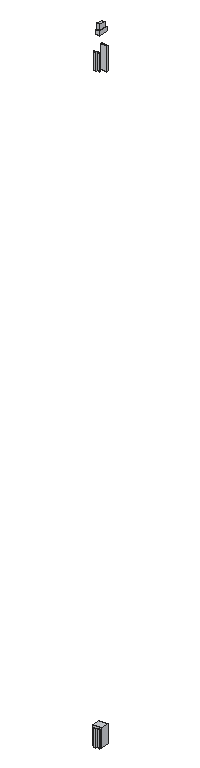
Revit family "Лифт_Пассажирский_МетеорЛифт_NeoClassic_LOD100", category Оборудование, Revit 2020
Family settings
  Размер круглого соединителя = Использовать диаметр
  Тип детали = Нормальный
  Всегда вертикально = Да
  При загрузке вырезать с полостями = Да
  Общий = Да
  Точка расчета площади = Нет
Parameters (values of type "Г/п 400 кг / Кабина 1100х950 (ШхГ) / Противовес сзади")
  Ширина проема [instance] = Ширина : 700
  Угол поворота лебедки [instance] = if(CWTLOC = 13, 90.00° - Угол боковой подвески, 15.00°)  # 15.00°
  Угол боковой подвески [instance] = atan(if(Ось противовеса Y = 0 mm, 200 mm, Ось противовеса Y) / (if(Ось противовеса X = 200 mm, 210 mm, Ось противовеса X) - 200 mm))  # 23.2729°
  Толщина перекрытия шахты [instance] = 300 mm
  Смещение проема [instance] = Смещение : 100
  Сечение кабеля питания, кв. мм [instance] = "Не более 10"  # constant formula
  Расположение противовеса = if(CWTLOC = 12, "Сзади", "Сбоку")  # "Сзади"
  Отметка по умолчанию = 0 mm
  Значение привязки оси проема к левой стене шахты [instance] = if(or((Привязка оси проема к левой стене шахты - Минимальная привязка оси проема к левой стене шахты) < 0 mm, (Привязка оси проема к левой стене шахты - Максимальная привязка оси проема к левой стене шахты) > 0 mm), "Привязка оси проема к левой стене шахты должна быть в указанном диапазоне", "ОК")  # "ОК"
  Значение глубины приямка [instance] = if(or((Глубина приямка - Минимальная глубина приямка) < 0 mm, (Глубина приямка - Максимальная глубина приямка) > 0 mm), "Глубина приямка должна быть в указанном диапазоне", "ОК")  # "ОК"
  Значение высоты верхней остановки [instance] = if((Высота верхней остановки - Минимальная высота верхней остановки) < 0 mm, "Высота верхней остановки должна быть не меньше указанной", "ОК")  # "ОК"
  Привязка подвески кабины Y [instance] = Привязка подвески кабины * sin(Угол боковой подвески)  # 92.851 mm
  Привязка подвески кабины X [instance] = if(CW > 1850 mm, 200 mm, if(and(CWTLOC = 12, CD = 1400 mm), 310 mm, Привязка подвески кабины * cos(Угол боковой подвески)))  # 215.879 mm
  Привязка подвески кабины [instance] = if(CWT_DBG = 780 mm, if(CD < 1600 mm, 235 mm, 245 mm), 200 mm)  # 235 mm
  Привязка переднего фасада кабины = 440 mm
  Привязка отверстия для ПК = 435 mm
  Полная мощность лифта [instance] = Номинальная мощность лифта / 0.98  # 4591.84 VA
  ПодвескаПротивовеса_13 [instance] = and(CWTLOC = 13, not(Ловители на противовесе))  # no
  ПодвескаКабины_34 [instance] = and(CWTLOC = 12, CW > 1850 mm)  # no
  ПодвескаКабины_24 [instance] = CWTLOC = 13  # no
  Ось противовеса X [instance] = if(and(DL = 630, CD < 1600 mm, CWTLOC = 13, not(Проходная кабина)), if(Глубина шахты < 1755 mm, 395 mm, if(Глубина шахты < 1935 mm, 445 mm, 535 mm)), X_CWT)  # 665 mm
  Минимальная высота машинного помещения [instance] = 2100 mm  # constant formula
  hw1_min_cwt [instance] = if(and(DL = 630, CWTLOC = 12), (200 mm + (CWT_DBG / 2) + L_CWTGRH + if(Ловители на противовесе, (-88 mm + 113 mm + 230 mm), 85 mm) + 10 mm), 0 mm)  # 0 mm
  hw2_min_cwt [instance] = if(and(DL = 400, CWTLOC = 12, Ловители на противовесе), ((CWT_DBG / 2) + L_CWTGRH - 88 mm + 113 mm + 230 mm), 0 mm)  # 0 mm
  CWT_DBG [instance] = if(and(CW > 1850 mm, not(Ловители на противовесе)), 1570 mm, if(and(DL = 630, CWTLOC = 13), if(Проходная кабина, 500 mm, if(Глубина шахты < 1755 mm, 500 mm, if(Глубина шахты < 1935 mm, 600 mm, 780 mm))), 780 mm))  # 780 mm
  CARDBG = CW + 80 mm  # 1180 mm
  Ширина шахты фактическая [instance] = HW_LIM  # 1450 mm
  Частота [instance] = 50 Hz  # constant formula
  Центрального открывания [instance] = МетеорЛифт_ДверьШахты_ЦентральногоОткрывания_МетеорЛифт_Prima-S : МетеорЛифт_ДверьШахты_ЦентральногоОткрывания_МетеорЛифт_Prima-S
  Уровень 9 остановки [instance] = 19600 mm
  Уровень 8 остановки [instance] = 17150 mm
  Уровень 7 остановки [instance] = 14700 mm
  Уровень 29 остановки [instance] = 68600 mm
  Уровень 28 остановки [instance] = 66150 mm
  Уровень 27 остановки [instance] = 63700 mm
  Уровень 26 остановки [instance] = 61250 mm
  Уровень 25 остановки [instance] = 58800 mm
  Уровень 24 остановки [instance] = 56350 mm
  Уровень 23 остановки [instance] = 53900 mm
  Уровень 22 остановки [instance] = 51450 mm
  Уровень 21 остановки [instance] = 49000 mm
  Уровень 20 остановки [instance] = 46550 mm
  Уровень 19 остановки [instance] = 44100 mm
  Уровень 18 остановки [instance] = 41650 mm
  Уровень 17 остановки [instance] = 39200 mm
  Уровень 16 остановки [instance] = 36750 mm
  Уровень 15 остановки [instance] = 34300 mm
  Уровень 14 остановки [instance] = 31850 mm
  Уровень 13 остановки [instance] = 29400 mm
  Уровень 12 остановки [instance] = 26950 mm
  Уровень 11 остановки [instance] = 24500 mm
  Уровень 10 остановки [instance] = 22050 mm
  Тип кабины = "05W"
  Телефон = "8 800 200 68 47"  # constant formula
  Телескопические [instance] = МетеорЛифт_ДверьШахты_Телескопическая_МетеорЛифт_Prima-S : МетеорЛифт_ДверьШахты_Телескопическая_МетеорЛифт_Prima-S
  Скорость [instance] = 1.0 : 1.0
  Пусковой ток [instance] = if(DL = 400, if(Скорость = v 1.0, 9.4 A, 13 A), if(DL = 630, if(Скорость = v 1.0, 12 A, 17 A), if(Скорость = v 1.0, 17 A, 25 A)))  # 9.4 A
  Привязка оси проема к стене шахты со стороны противовеса фактическая [instance] = HL6_LIM  # 825 mm
  Передний вход на 9 остановке [instance] = yes
  Передний вход на 8 остановке [instance] = yes
  Передний вход на 7 остановке [instance] = yes
  Передний вход на 29 остановке [instance] = yes
  Передний вход на 28 остановке [instance] = yes
  Передний вход на 27 остановке [instance] = yes
  Передний вход на 26 остановке [instance] = yes
  Передний вход на 25 остановке [instance] = yes
  Передний вход на 24 остановке [instance] = yes
  Передний вход на 23 остановке [instance] = yes
  Передний вход на 22 остановке [instance] = yes
  Передний вход на 21 остановке [instance] = yes
  Передний вход на 20 остановке [instance] = yes
  Передний вход на 19 остановке [instance] = yes
  Передний вход на 18 остановке [instance] = yes
  Передний вход на 17 остановке [instance] = yes
  Передний вход на 16 остановке [instance] = yes
  Передний вход на 15 остановке [instance] = yes
  Передний вход на 14 остановке [instance] = yes
  Передний вход на 13 остановке [instance] = yes
  Передний вход на 12 остановке [instance] = yes
  Передний вход на 11 остановке [instance] = yes
  Передний вход на 10 остановке [instance] = yes
  Отсутствуют [instance] = МетеорЛифт_ДверьШахты_Отсутствует : МетеорЛифт_ДверьШахты_Отсутствует
  Описание = "Лифт электрический пассажирский с машинным помещением"  # constant formula
  Номинальный ток [instance] = if(DL = 400, if(Скорость = v 1.0, 7.2 A, 10 A), if(DL = 630, if(Скорость = v 1.0, 9 A, 13 A), if(Скорость = v 1.0, 13 A, 19 A)))  # 7.2 A
  Номинальная скорость (м/с) [instance] = if(Скорость = v 1.0, "1.0", "1.6")  # "1.0"
  Номинальная мощность лифта [instance] = if(DL = 400, if(Скорость = v 1.0, 4500 W, 6400 W), if(DL = 630, if(Скорость = v 1.0, 5700 W, 8300 W), if(Скорость = v 1.0, 8000 W, 12000 W)))  # 4500 W
  Номинал автомата защиты в контроллере лифта [instance] = if(DL = 400, 16 A, if(DL = 630, if(Скорость = v 1.0, 16 A, 25 A), if(Скорость = v 1.0, 25 A, 32 A)))  # 16 A
  Номер контракта [instance] = ""
  Напряжение в сети освещения шахты [instance] = 220 V  # constant formula
  Напряжение [instance] = 380 V  # constant formula
  Направляющая противовеса [instance] = if(Ловители на противовесе, if(or(Грузоподъемность = 1000, Ширина кабины > 1400 mm), 89, 82), 45)  # 45
  Направляющая кабины [instance] = if(or(Грузоподъемность = 400, and(Грузоподъемность = 630, CD < 1500 mm, CW < 1400 mm, Скорость = v 1.0)), 82, 89)  # 82
  Направление открывания дверей [instance] = no
  Накладное = Объемная панель : Объемная панель
  Оборудование [instance] = "NeoClassic"  # constant formula
  Минимальное количество остановок [instance] = 2  # constant formula
  Минимальная ширина шахты [instance] = HW_MIN  # 1430 mm
  Максимальный ток [instance] = 6 A  # constant formula
  Максимальная ширина шахты [instance] = HW_MAX  # 2060 mm
  Лифт для пожарных [instance] = no
  Лифт для инвалидов [instance] = no
  Количество остановок фактическое [instance] = if(Количество остановок < 2, 2, if(Количество остановок > Максимальное количество остановок, Максимальное количество остановок, Количество остановок))  # 2
  Доступные смещения проема [instance] = size_lookup("Dop", "DOP_RANGE", "-", CW, CD, DOOR_CODE, OP)  # "Смещение : 0*; 30; 50; 70; 100"
  Допустимые ширины проема [instance] = size_lookup("Openings", "OP_RANGE", "-", CW, CD, DOOR_CODE)  # "Ширина : 650; 700; 800; 900"
  Допустимое смещение проема [instance] = size_lookup("Dop", "DOP_OK", "Скорректируйте смещение проема!", CW, CD, DOOR_CODE, OP, AMBIANCE, DOP)  # "OK"
  Допустимая ширина проема [instance] = size_lookup("Openings", "OP_OK", "Скорректируйте ширину проема!", CW, CD, DOOR_CODE, OP)  # "OK"
  Двери кабины и шахты [instance] = Тип дверей : Телескопические
  Возможность применения дверей выбранного типа [instance] = if(and(or(CW = 1000 mm, CW = 2100 mm), DOOR_CODE = 9), "Двери центрального открывания неприменимы с данным типом кабины!", "ОК")  # "ОК"
  tol_rear [instance] = if(Проходная кабина, (HD_LIM - (tol_front + 105 mm + 30 mm + 132 mm + CD + 132 mm + 30 mm + 105 mm)), 15 mm)  # 15 mm
  tol_front [instance] = 15 mm  # constant formula
  SPEED_CODE [instance] = if(Скорость = v 1.0, 2, 3)  # 2
  Исполнение этажных аппаратов (выз. посты, ключи) [instance] = if(HFTYP = 1, "Плоская панель", "Объемная панель")  # "Объемная панель"
  Исполнение противовеса [instance] = if(Ловители на противовесе, "Противовес с ловителями", "Противовес без ловителей")  # "Противовес без ловителей"
  L_CWTGRH [instance] = if(Направляющая противовеса = 45, 45 mm, if(Направляющая противовеса = 89, 62 mm, 68 mm))  # 45 mm
  L_CARGRH [instance] = if(Направляющая кабины = 89, 62 mm, 68 mm)  # 68 mm
  Высота машинного помещения фактическая [instance] = MRH_LIM  # 2100 mm
  Высота машинного помещения [instance] = 2100 mm
  Высота до верха направляющих [instance] = K_LIM - 50 mm  # 3400 mm
  Вылет одиночных кронштейнов справа [instance] = Ширина шахты фактическая - (Привязка оси проема к стене шахты со стороны противовеса фактическая - Смещение дверного проема) - (CARDBG / 2) - L_CARGRH  # 67 mm
  Вылет одиночных кронштейнов слева [instance] = Привязка оси проема к стене шахты со стороны противовеса фактическая - Смещение дверного проема - (CARDBG / 2) - L_CARGRH  # 67 mm
  Вылет кронштейнов сзади [instance] = Глубина шахты фактическая - (282 mm + Привязка переднего фасада кабины + Ось противовеса X)  # 163 mm
  Вылет П-образных кронштейнов [instance] = Привязка оси проема к стене шахты со стороны противовеса фактическая - Смещение дверного проема - Ось противовеса Y + 119 mm  # 844 mm
  Значение ширины шахты [instance] = if(or((Ширина шахты - HW_MIN) < 0 mm, (Ширина шахты - HW_MAX) > 0 mm), "Ширина шахты должна быть в указанном диапазоне", "ОК")  # "ОК"
  Значение глубины шахты [instance] = if(or((Глубина шахты - Минимальная глубина шахты) < 0 mm, (Глубина шахты - Максимальная глубина шахты) > 0 mm), "Глубина шахты должна быть в указанном диапазоне", "ОК")  # "ОК"
  Вылет C_ кронштейнов слева [instance] = HL6_LIM - (DOP + Ось противовеса Y)  # 725 mm
  Инфографика [instance] = yes
  Изготовитель = "ООО \"Метеор Лифт\""
  Задний вход на 9 остановке [instance] = yes
  Задний вход на 8 остановке [instance] = yes
  Задний вход на 7 остановке [instance] = yes
  Задний вход на 29 остановке [instance] = yes
  Задний вход на 28 остановке [instance] = yes
  Задний вход на 27 остановке [instance] = yes
  Задний вход на 26 остановке [instance] = yes
  Задний вход на 25 остановке [instance] = yes
  Задний вход на 24 остановке [instance] = yes
  Задний вход на 23 остановке [instance] = yes
  Задний вход на 22 остановке [instance] = yes
  Задний вход на 21 остановке [instance] = yes
  Задний вход на 20 остановке [instance] = yes
  Задний вход на 19 остановке [instance] = yes
  Задний вход на 18 остановке [instance] = yes
  Задний вход на 17 остановке [instance] = yes
  Задний вход на 16 остановке [instance] = yes
  Задний вход на 15 остановке [instance] = yes
  Задний вход на 14 остановке [instance] = yes
  Задний вход на 13 остановке [instance] = yes
  Задний вход на 12 остановке [instance] = yes
  Задний вход на 11 остановке [instance] = yes
  Задний вход на 10 остановке [instance] = yes
  Дверь_ПереднийВход_НижняяОстановка [instance] = if(front_bottom = 1, if(Код дверей = 8, Телескопические, Центрального открывания), Отсутствуют)  # МетеорЛифт_ДверьШахты_Телескопическая_МетеорЛифт_Prima-S : МетеорЛифт_ДверьШахты_Телескопическая_МетеорЛифт_Prima-S
  Дверь_ПереднийВход_ВерхняяОстановка [instance] = if(front_top = 1, if(Код дверей = 8, Телескопические, Центрального открывания), Отсутствуют)  # МетеорЛифт_ДверьШахты_Телескопическая_МетеорЛифт_Prima-S : МетеорЛифт_ДверьШахты_Телескопическая_МетеорЛифт_Prima-S
  Дверь_ПереднийВход_9Остановка [instance] = if(front_9 = 1, if(Код дверей = 8, Телескопические, Центрального открывания), Отсутствуют)  # МетеорЛифт_ДверьШахты_Отсутствует : МетеорЛифт_ДверьШахты_Отсутствует
  Дверь_ПереднийВход_8Остановка [instance] = if(front_8 = 1, if(Код дверей = 8, Телескопические, Центрального открывания), Отсутствуют)  # МетеорЛифт_ДверьШахты_Отсутствует : МетеорЛифт_ДверьШахты_Отсутствует
  Дверь_ПереднийВход_7Остановка [instance] = if(front_7 = 1, if(Код дверей = 8, Телескопические, Центрального открывания), Отсутствуют)  # МетеорЛифт_ДверьШахты_Отсутствует : МетеорЛифт_ДверьШахты_Отсутствует
  Дверь_ПереднийВход_6Остановка [instance] = if(front_6 = 1, if(Код дверей = 8, Телескопические, Центрального открывания), Отсутствуют)  # МетеорЛифт_ДверьШахты_Отсутствует : МетеорЛифт_ДверьШахты_Отсутствует
  Дверь_ПереднийВход_5Остановка [instance] = if(front_5 = 1, if(Код дверей = 8, Телескопические, Центрального открывания), Отсутствуют)  # МетеорЛифт_ДверьШахты_Отсутствует : МетеорЛифт_ДверьШахты_Отсутствует
  Дверь_ПереднийВход_4Остановка [instance] = if(front_4 = 1, if(Код дверей = 8, Телескопические, Центрального открывания), Отсутствуют)  # МетеорЛифт_ДверьШахты_Отсутствует : МетеорЛифт_ДверьШахты_Отсутствует
  Дверь_ПереднийВход_3Остановка [instance] = if(front_3 = 1, if(Код дверей = 8, Телескопические, Центрального открывания), Отсутствуют)  # МетеорЛифт_ДверьШахты_Отсутствует : МетеорЛифт_ДверьШахты_Отсутствует
  Дверь_ПереднийВход_2Остановка [instance] = if(front_2 = 1, if(Код дверей = 8, Телескопические, Центрального открывания), Отсутствуют)  # МетеорЛифт_ДверьШахты_Отсутствует : МетеорЛифт_ДверьШахты_Отсутствует
  Дверь_ПереднийВход_29Остановка [instance] = if(front_29 = 1, if(Код дверей = 8, Телескопические, Центрального открывания), Отсутствуют)  # МетеорЛифт_ДверьШахты_Отсутствует : МетеорЛифт_ДверьШахты_Отсутствует
  Дверь_ПереднийВход_28Остановка [instance] = if(front_28 = 1, if(Код дверей = 8, Телескопические, Центрального открывания), Отсутствуют)  # МетеорЛифт_ДверьШахты_Отсутствует : МетеорЛифт_ДверьШахты_Отсутствует
  Дверь_ПереднийВход_27Остановка [instance] = if(front_27 = 1, if(Код дверей = 8, Телескопические, Центрального открывания), Отсутствуют)  # МетеорЛифт_ДверьШахты_Отсутствует : МетеорЛифт_ДверьШахты_Отсутствует
  Дверь_ПереднийВход_26Остановка [instance] = if(front_26 = 1, if(Код дверей = 8, Телескопические, Центрального открывания), Отсутствуют)  # МетеорЛифт_ДверьШахты_Отсутствует : МетеорЛифт_ДверьШахты_Отсутствует
  Дверь_ПереднийВход_25Остановка [instance] = if(front_25 = 1, if(Код дверей = 8, Телескопические, Центрального открывания), Отсутствуют)  # МетеорЛифт_ДверьШахты_Отсутствует : МетеорЛифт_ДверьШахты_Отсутствует
  Дверь_ПереднийВход_24Остановка [instance] = if(front_24 = 1, if(Код дверей = 8, Телескопические, Центрального открывания), Отсутствуют)  # МетеорЛифт_ДверьШахты_Отсутствует : МетеорЛифт_ДверьШахты_Отсутствует
  Дверь_ПереднийВход_23Остановка [instance] = if(front_23 = 1, if(Код дверей = 8, Телескопические, Центрального открывания), Отсутствуют)  # МетеорЛифт_ДверьШахты_Отсутствует : МетеорЛифт_ДверьШахты_Отсутствует
  Дверь_ПереднийВход_22Остановка [instance] = if(front_22 = 1, if(Код дверей = 8, Телескопические, Центрального открывания), Отсутствуют)  # МетеорЛифт_ДверьШахты_Отсутствует : МетеорЛифт_ДверьШахты_Отсутствует
  Дверь_ПереднийВход_21Остановка [instance] = if(front_21 = 1, if(Код дверей = 8, Телескопические, Центрального открывания), Отсутствуют)  # МетеорЛифт_ДверьШахты_Отсутствует : МетеорЛифт_ДверьШахты_Отсутствует
  Дверь_ПереднийВход_20Остановка [instance] = if(front_20 = 1, if(Код дверей = 8, Телескопические, Центрального открывания), Отсутствуют)  # МетеорЛифт_ДверьШахты_Отсутствует : МетеорЛифт_ДверьШахты_Отсутствует
  Дверь_ПереднийВход_19Остановка [instance] = if(front_19 = 1, if(Код дверей = 8, Телескопические, Центрального открывания), Отсутствуют)  # МетеорЛифт_ДверьШахты_Отсутствует : МетеорЛифт_ДверьШахты_Отсутствует
  Дверь_ПереднийВход_18Остановка [instance] = if(front_18 = 1, if(Код дверей = 8, Телескопические, Центрального открывания), Отсутствуют)  # МетеорЛифт_ДверьШахты_Отсутствует : МетеорЛифт_ДверьШахты_Отсутствует
  Дверь_ПереднийВход_17Остановка [instance] = if(front_17 = 1, if(Код дверей = 8, Телескопические, Центрального открывания), Отсутствуют)  # МетеорЛифт_ДверьШахты_Отсутствует : МетеорЛифт_ДверьШахты_Отсутствует
  Дверь_ПереднийВход_16Остановка [instance] = if(front_16 = 1, if(Код дверей = 8, Телескопические, Центрального открывания), Отсутствуют)  # МетеорЛифт_ДверьШахты_Отсутствует : МетеорЛифт_ДверьШахты_Отсутствует
  Дверь_ПереднийВход_15Остановка [instance] = if(front_15 = 1, if(Код дверей = 8, Телескопические, Центрального открывания), Отсутствуют)  # МетеорЛифт_ДверьШахты_Отсутствует : МетеорЛифт_ДверьШахты_Отсутствует
  Дверь_ПереднийВход_14Остановка [instance] = if(front_14 = 1, if(Код дверей = 8, Телескопические, Центрального открывания), Отсутствуют)  # МетеорЛифт_ДверьШахты_Отсутствует : МетеорЛифт_ДверьШахты_Отсутствует
  Дверь_ПереднийВход_13Остановка [instance] = if(front_13 = 1, if(Код дверей = 8, Телескопические, Центрального открывания), Отсутствуют)  # МетеорЛифт_ДверьШахты_Отсутствует : МетеорЛифт_ДверьШахты_Отсутствует
  Дверь_ПереднийВход_12Остановка [instance] = if(front_12 = 1, if(Код дверей = 8, Телескопические, Центрального открывания), Отсутствуют)  # МетеорЛифт_ДверьШахты_Отсутствует : МетеорЛифт_ДверьШахты_Отсутствует
  Дверь_ПереднийВход_11Остановка [instance] = if(front_11 = 1, if(Код дверей = 8, Телескопические, Центрального открывания), Отсутствуют)  # МетеорЛифт_ДверьШахты_Отсутствует : МетеорЛифт_ДверьШахты_Отсутствует
  Дверь_ПереднийВход_10Остановка [instance] = if(front_10 = 1, if(Код дверей = 8, Телескопические, Центрального открывания), Отсутствуют)  # МетеорЛифт_ДверьШахты_Отсутствует : МетеорЛифт_ДверьШахты_Отсутствует
  Дверь_ЗаднийВход_НижняяОстановка [instance] = if(rear_bottom = 1, if(Код дверей = 8, Телескопические, Центрального открывания), Отсутствуют)  # МетеорЛифт_ДверьШахты_Отсутствует : МетеорЛифт_ДверьШахты_Отсутствует
  Дверь_ЗаднийВход_ВерхняяОстановка [instance] = if(rear_top = 1, if(Код дверей = 8, Телескопические, Центрального открывания), Отсутствуют)  # МетеорЛифт_ДверьШахты_Отсутствует : МетеорЛифт_ДверьШахты_Отсутствует
  Дверь_ЗаднийВход_9Остановка [instance] = if(rear_9 = 1, if(Код дверей = 8, Телескопические, Центрального открывания), Отсутствуют)  # МетеорЛифт_ДверьШахты_Отсутствует : МетеорЛифт_ДверьШахты_Отсутствует
  Дверь_ЗаднийВход_8Остановка [instance] = if(rear_8 = 1, if(Код дверей = 8, Телескопические, Центрального открывания), Отсутствуют)  # МетеорЛифт_ДверьШахты_Отсутствует : МетеорЛифт_ДверьШахты_Отсутствует
  Дверь_ЗаднийВход_7Остановка [instance] = if(rear_7 = 1, if(Код дверей = 8, Телескопические, Центрального открывания), Отсутствуют)  # МетеорЛифт_ДверьШахты_Отсутствует : МетеорЛифт_ДверьШахты_Отсутствует
  Дверь_ЗаднийВход_6Остановка [instance] = if(rear_6 = 1, if(Код дверей = 8, Телескопические, Центрального открывания), Отсутствуют)  # МетеорЛифт_ДверьШахты_Отсутствует : МетеорЛифт_ДверьШахты_Отсутствует
  Дверь_ЗаднийВход_5Остановка [instance] = if(rear_5 = 1, if(Код дверей = 8, Телескопические, Центрального открывания), Отсутствуют)  # МетеорЛифт_ДверьШахты_Отсутствует : МетеорЛифт_ДверьШахты_Отсутствует
  Дверь_ЗаднийВход_4Остановка [instance] = if(rear_4 = 1, if(Код дверей = 8, Телескопические, Центрального открывания), Отсутствуют)  # МетеорЛифт_ДверьШахты_Отсутствует : МетеорЛифт_ДверьШахты_Отсутствует
  Дверь_ЗаднийВход_3Остановка [instance] = if(rear_3 = 1, if(Код дверей = 8, Телескопические, Центрального открывания), Отсутствуют)  # МетеорЛифт_ДверьШахты_Отсутствует : МетеорЛифт_ДверьШахты_Отсутствует
  Дверь_ЗаднийВход_2Остановка [instance] = if(rear_2 = 1, if(Код дверей = 8, Телескопические, Центрального открывания), Отсутствуют)  # МетеорЛифт_ДверьШахты_Отсутствует : МетеорЛифт_ДверьШахты_Отсутствует
  Дверь_ЗаднийВход_29Остановка [instance] = if(rear_29 = 1, if(Код дверей = 8, Телескопические, Центрального открывания), Отсутствуют)  # МетеорЛифт_ДверьШахты_Отсутствует : МетеорЛифт_ДверьШахты_Отсутствует
  Дверь_ЗаднийВход_28Остановка [instance] = if(rear_28 = 1, if(Код дверей = 8, Телескопические, Центрального открывания), Отсутствуют)  # МетеорЛифт_ДверьШахты_Отсутствует : МетеорЛифт_ДверьШахты_Отсутствует
  Дверь_ЗаднийВход_27Остановка [instance] = if(rear_27 = 1, if(Код дверей = 8, Телескопические, Центрального открывания), Отсутствуют)  # МетеорЛифт_ДверьШахты_Отсутствует : МетеорЛифт_ДверьШахты_Отсутствует
  Дверь_ЗаднийВход_26Остановка [instance] = if(rear_26 = 1, if(Код дверей = 8, Телескопические, Центрального открывания), Отсутствуют)  # МетеорЛифт_ДверьШахты_Отсутствует : МетеорЛифт_ДверьШахты_Отсутствует
  Дверь_ЗаднийВход_25Остановка [instance] = if(rear_25 = 1, if(Код дверей = 8, Телескопические, Центрального открывания), Отсутствуют)  # МетеорЛифт_ДверьШахты_Отсутствует : МетеорЛифт_ДверьШахты_Отсутствует
  Дверь_ЗаднийВход_24Остановка [instance] = if(rear_24 = 1, if(Код дверей = 8, Телескопические, Центрального открывания), Отсутствуют)  # МетеорЛифт_ДверьШахты_Отсутствует : МетеорЛифт_ДверьШахты_Отсутствует
  Дверь_ЗаднийВход_23Остановка [instance] = if(rear_23 = 1, if(Код дверей = 8, Телескопические, Центрального открывания), Отсутствуют)  # МетеорЛифт_ДверьШахты_Отсутствует : МетеорЛифт_ДверьШахты_Отсутствует
  Дверь_ЗаднийВход_22Остановка [instance] = if(rear_22 = 1, if(Код дверей = 8, Телескопические, Центрального открывания), Отсутствуют)  # МетеорЛифт_ДверьШахты_Отсутствует : МетеорЛифт_ДверьШахты_Отсутствует
  Дверь_ЗаднийВход_21Остановка [instance] = if(rear_21 = 1, if(Код дверей = 8, Телескопические, Центрального открывания), Отсутствуют)  # МетеорЛифт_ДверьШахты_Отсутствует : МетеорЛифт_ДверьШахты_Отсутствует
  Дверь_ЗаднийВход_20Остановка [instance] = if(rear_20 = 1, if(Код дверей = 8, Телескопические, Центрального открывания), Отсутствуют)  # МетеорЛифт_ДверьШахты_Отсутствует : МетеорЛифт_ДверьШахты_Отсутствует
  Дверь_ЗаднийВход_19Остановка [instance] = if(rear_19 = 1, if(Код дверей = 8, Телескопические, Центрального открывания), Отсутствуют)  # МетеорЛифт_ДверьШахты_Отсутствует : МетеорЛифт_ДверьШахты_Отсутствует
  Дверь_ЗаднийВход_18Остановка [instance] = if(rear_18 = 1, if(Код дверей = 8, Телескопические, Центрального открывания), Отсутствуют)  # МетеорЛифт_ДверьШахты_Отсутствует : МетеорЛифт_ДверьШахты_Отсутствует
  Дверь_ЗаднийВход_17Остановка [instance] = if(rear_17 = 1, if(Код дверей = 8, Телескопические, Центрального открывания), Отсутствуют)  # МетеорЛифт_ДверьШахты_Отсутствует : МетеорЛифт_ДверьШахты_Отсутствует
  Дверь_ЗаднийВход_16Остановка [instance] = if(rear_16 = 1, if(Код дверей = 8, Телескопические, Центрального открывания), Отсутствуют)  # МетеорЛифт_ДверьШахты_Отсутствует : МетеорЛифт_ДверьШахты_Отсутствует
  Дверь_ЗаднийВход_15Остановка [instance] = if(rear_15 = 1, if(Код дверей = 8, Телескопические, Центрального открывания), Отсутствуют)  # МетеорЛифт_ДверьШахты_Отсутствует : МетеорЛифт_ДверьШахты_Отсутствует
  Дверь_ЗаднийВход_14Остановка [instance] = if(rear_14 = 1, if(Код дверей = 8, Телескопические, Центрального открывания), Отсутствуют)  # МетеорЛифт_ДверьШахты_Отсутствует : МетеорЛифт_ДверьШахты_Отсутствует
  Дверь_ЗаднийВход_13Остановка [instance] = if(rear_13 = 1, if(Код дверей = 8, Телескопические, Центрального открывания), Отсутствуют)  # МетеорЛифт_ДверьШахты_Отсутствует : МетеорЛифт_ДверьШахты_Отсутствует
  Дверь_ЗаднийВход_12Остановка [instance] = if(rear_12 = 1, if(Код дверей = 8, Телескопические, Центрального открывания), Отсутствуют)  # МетеорЛифт_ДверьШахты_Отсутствует : МетеорЛифт_ДверьШахты_Отсутствует
  Дверь_ЗаднийВход_11Остановка [instance] = if(rear_11 = 1, if(Код дверей = 8, Телескопические, Центрального открывания), Отсутствуют)  # МетеорЛифт_ДверьШахты_Отсутствует : МетеорЛифт_ДверьШахты_Отсутствует
  Дверь_ЗаднийВход_10Остановка [instance] = if(rear_10 = 1, if(Код дверей = 8, Телескопические, Центрального открывания), Отсутствуют)  # МетеорЛифт_ДверьШахты_Отсутствует : МетеорЛифт_ДверьШахты_Отсутствует
  Глубина шахты фактическая [instance] = HD_LIM  # 1550 mm
  Глубина приямка фактическая [instance] = S_LIM  # 1100 mm
  Высота подъема фактическая (м) [instance] = R_LIM / 1000  # 75 mm
  Высота подъема [instance] = 104000 mm
  Высота верхней остановки фактическая [instance] = K_LIM  # 3450 mm
  Врезное [instance] = Плоская панель : Плоская панель
  v 1.6 [instance] = 1.6 : 1.6
  v 1.0 [instance] = 1.0 : 1.0
  rear_9 [instance] = if(Количество остановок < 10, 0, if(Количество входов в кабину = 2, if(Задний вход на 9 остановке, 1, 0), 0))  # 0
  rear_7 [instance] = if(Количество остановок < 8, 0, if(Количество входов в кабину = 2, if(Задний вход на 7 остановке, 1, 0), 0))  # 0
  rear_8 [instance] = if(Количество остановок < 9, 0, if(Количество входов в кабину = 2, if(Задний вход на 8 остановке, 1, 0), 0))  # 0
  rear_29 [instance] = if(Скорость = v 1.0, 0, if(Количество остановок < 30, 0, if(Количество входов в кабину = 2, if(Задний вход на 29 остановке, 1, 0), 0)))  # 0
  rear_28 [instance] = if(Скорость = v 1.0, 0, if(Количество остановок < 29, 0, if(Количество входов в кабину = 2, if(Задний вход на 28 остановке, 1, 0), 0)))  # 0
  rear_27 [instance] = if(Скорость = v 1.0, 0, if(Количество остановок < 28, 0, if(Количество входов в кабину = 2, if(Задний вход на 27 остановке, 1, 0), 0)))  # 0
  rear_26 [instance] = if(Скорость = v 1.0, 0, if(Количество остановок < 27, 0, if(Количество входов в кабину = 2, if(Задний вход на 26 остановке, 1, 0), 0)))  # 0
  rear_25 [instance] = if(Скорость = v 1.0, 0, if(Количество остановок < 26, 0, if(Количество входов в кабину = 2, if(Задний вход на 25 остановке, 1, 0), 0)))  # 0
  rear_24 [instance] = if(Скорость = v 1.0, 0, if(Количество остановок < 25, 0, if(Количество входов в кабину = 2, if(Задний вход на 24 остановке, 1, 0), 0)))  # 0
  rear_23 [instance] = if(Скорость = v 1.0, 0, if(Количество остановок < 24, 0, if(Количество входов в кабину = 2, if(Задний вход на 23 остановке, 1, 0), 0)))  # 0
  rear_22 [instance] = if(Скорость = v 1.0, 0, if(Количество остановок < 23, 0, if(Количество входов в кабину = 2, if(Задний вход на 22 остановке, 1, 0), 0)))  # 0
  rear_21 [instance] = if(Скорость = v 1.0, 0, if(Количество остановок < 22, 0, if(Количество входов в кабину = 2, if(Задний вход на 21 остановке, 1, 0), 0)))  # 0
  rear_20 [instance] = if(Скорость = v 1.0, 0, if(Количество остановок < 21, 0, if(Количество входов в кабину = 2, if(Задний вход на 20 остановке, 1, 0), 0)))  # 0
  rear_19 [instance] = if(Скорость = v 1.0, 0, if(Количество остановок < 20, 0, if(Количество входов в кабину = 2, if(Задний вход на 19 остановке, 1, 0), 0)))  # 0
  rear_18 [instance] = if(Скорость = v 1.0, 0, if(Количество остановок < 19, 0, if(Количество входов в кабину = 2, if(Задний вход на 18 остановке, 1, 0), 0)))  # 0
  rear_17 [instance] = if(Скорость = v 1.0, 0, if(Количество остановок < 18, 0, if(Количество входов в кабину = 2, if(Задний вход на 17 остановке, 1, 0), 0)))  # 0
  rear_16 [instance] = if(Количество остановок < 17, 0, if(Количество входов в кабину = 2, if(Задний вход на 16 остановке, 1, 0), 0))  # 0
  rear_15 [instance] = if(Количество остановок < 16, 0, if(Количество входов в кабину = 2, if(Задний вход на 15 остановке, 1, 0), 0))  # 0
  rear_14 [instance] = if(Количество остановок < 15, 0, if(Количество входов в кабину = 2, if(Задний вход на 14 остановке, 1, 0), 0))  # 0
  rear_13 [instance] = if(Количество остановок < 14, 0, if(Количество входов в кабину = 2, if(Задний вход на 13 остановке, 1, 0), 0))  # 0
  rear_12 [instance] = if(Количество остановок < 13, 0, if(Количество входов в кабину = 2, if(Задний вход на 12 остановке, 1, 0), 0))  # 0
  rear_11 [instance] = if(Количество остановок < 12, 0, if(Количество входов в кабину = 2, if(Задний вход на 11 остановке, 1, 0), 0))  # 0
  rear_10 [instance] = if(Количество остановок < 11, 0, if(Количество входов в кабину = 2, if(Задний вход на 10 остановке, 1, 0), 0))  # 0
  main_top [instance] = no
  main_bottom [instance] = yes
  main_9 [instance] = no
  main_8 [instance] = no
  main_7 [instance] = no
  main_6 [instance] = no
  main_5 [instance] = no
  main_4 [instance] = no
  main_3 [instance] = no
  main_29 [instance] = no
  main_28 [instance] = no
  main_27 [instance] = no
  main_26 [instance] = no
  main_25 [instance] = no
  main_24 [instance] = no
  main_23 [instance] = no
  main_22 [instance] = no
  main_21 [instance] = no
  main_20 [instance] = no
  main_2 [instance] = no
  main_19 [instance] = no
  main_18 [instance] = no
  main_17 [instance] = no
  main_16 [instance] = no
  main_15 [instance] = no
  main_14 [instance] = no
  main_13 [instance] = no
  main_12 [instance] = no
  main_11 [instance] = no
  main_10 [instance] = no
  hw2_min_door [instance] = DOP + if(DOOR_CODE = 8, (OP / 2 + 149 mm), (OP + 63 mm)) + 10 mm  # 609 mm
  hw2_min_car [instance] = CW / 2 + 40 mm + L_CARGRH + 42 mm  # 700 mm
  hw2_min [instance] = if(hw2_min_car > hw2_min_door, if(hw2_min_car > hw2_min_cwt, hw2_min_car, hw2_min_cwt), if(hw2_min_cwt > hw2_min_door, hw2_min_cwt, hw2_min_door)) + 15 mm  # 715 mm
  hw2_max [instance] = CW / 2 + 40 mm + L_CARGRH + 402 mm - 30 mm  # 1030 mm
  hw1_min_door [instance] = OP + if(DOOR_CODE = 8, 53 mm, 63 mm) - DOP + 10 mm  # 663 mm
  hw1_min_car [instance] = if(CWTLOC = 13, if(and(DL = 630, or(Глубина шахты < 1755 mm, Количество входов в кабину = 2)), 750 mm, 740 mm) + if(Ловители на противовесе, 205 mm, 115 mm), (CW / 2 + 40 mm + L_CARGRH + 42 mm))  # 700 mm
  hw1_min [instance] = if(hw1_min_car > hw1_min_door, if(hw1_min_car > hw1_min_cwt, hw1_min_car, hw1_min_cwt), if(hw1_min_cwt > hw1_min_door, hw1_min_cwt, hw1_min_door)) + 15 mm  # 715 mm
  hw1_max [instance] = CW / 2 + 40 mm + L_CARGRH + if(CWTLOC = 13, 459 mm, 402 mm) - 30 mm  # 1030 mm
  front_9 [instance] = if(Количество остановок < 10, 0, if(Проходная кабина, if(Передний вход на 9 остановке, 1, 0), 1))  # 0
  front_8 [instance] = if(Количество остановок < 9, 0, if(Проходная кабина, if(Передний вход на 8 остановке, 1, 0), 1))  # 0
  front_7 [instance] = if(Количество остановок < 8, 0, if(Проходная кабина, if(Передний вход на 7 остановке, 1, 0), 1))  # 0
  front_29 [instance] = if(Скорость = v 1.0, 0, if(Количество остановок < 30, 0, if(Проходная кабина, if(Передний вход на 29 остановке, 1, 0), 1)))  # 0
  front_28 [instance] = if(Скорость = v 1.0, 0, if(Количество остановок < 29, 0, if(Проходная кабина, if(Передний вход на 28 остановке, 1, 0), 1)))  # 0
  front_27 [instance] = if(Скорость = v 1.0, 0, if(Количество остановок < 28, 0, if(Проходная кабина, if(Передний вход на 27 остановке, 1, 0), 1)))  # 0
  front_26 [instance] = if(Скорость = v 1.0, 0, if(Количество остановок < 27, 0, if(Проходная кабина, if(Передний вход на 26 остановке, 1, 0), 1)))  # 0
  front_25 [instance] = if(Скорость = v 1.0, 0, if(Количество остановок < 26, 0, if(Проходная кабина, if(Передний вход на 25 остановке, 1, 0), 1)))  # 0
  front_24 [instance] = if(Скорость = v 1.0, 0, if(Количество остановок < 25, 0, if(Проходная кабина, if(Передний вход на 24 остановке, 1, 0), 1)))  # 0
  front_23 [instance] = if(Скорость = v 1.0, 0, if(Количество остановок < 24, 0, if(Проходная кабина, if(Передний вход на 23 остановке, 1, 0), 1)))  # 0
  front_22 [instance] = if(Скорость = v 1.0, 0, if(Количество остановок < 23, 0, if(Проходная кабина, if(Передний вход на 22 остановке, 1, 0), 1)))  # 0
  front_21 [instance] = if(Скорость = v 1.0, 0, if(Количество остановок < 22, 0, if(Проходная кабина, if(Передний вход на 21 остановке, 1, 0), 1)))  # 0
  front_20 [instance] = if(Скорость = v 1.0, 0, if(Количество остановок < 21, 0, if(Проходная кабина, if(Передний вход на 20 остановке, 1, 0), 1)))  # 0
  front_19 [instance] = if(Скорость = v 1.0, 0, if(Количество остановок < 20, 0, if(Проходная кабина, if(Передний вход на 19 остановке, 1, 0), 1)))  # 0
  front_18 [instance] = if(Скорость = v 1.0, 0, if(Количество остановок < 19, 0, if(Проходная кабина, if(Передний вход на 18 остановке, 1, 0), 1)))  # 0
  front_17 [instance] = if(Скорость = v 1.0, 0, if(Количество остановок < 18, 0, if(Проходная кабина, if(Передний вход на 17 остановке, 1, 0), 1)))  # 0
  front_16 [instance] = if(Количество остановок < 17, 0, if(Проходная кабина, if(Передний вход на 16 остановке, 1, 0), 1))  # 0
  front_15 [instance] = if(Количество остановок < 16, 0, if(Проходная кабина, if(Передний вход на 15 остановке, 1, 0), 1))  # 0
  front_14 [instance] = if(Количество остановок < 15, 0, if(Проходная кабина, if(Передний вход на 14 остановке, 1, 0), 1))  # 0
  front_13 [instance] = if(Количество остановок < 14, 0, if(Проходная кабина, if(Передний вход на 13 остановке, 1, 0), 1))  # 0
  front_12 [instance] = if(Количество остановок < 13, 0, if(Проходная кабина, if(Передний вход на 12 остановке, 1, 0), 1))  # 0
  front_11 [instance] = if(Количество остановок < 12, 0, if(Проходная кабина, if(Передний вход на 11 остановке, 1, 0), 1))  # 0
  front_10 [instance] = if(Количество остановок < 11, 0, if(Проходная кабина, if(Передний вход на 10 остановке, 1, 0), 1))  # 0
  cos ф [instance] = "> 0.98"  # constant formula
  Y_CWT = 0 mm
  X_CWT = 665 mm
  URL = "https://meteor.ru/equipment/passengerelevators/meteor-neoclassic/"
  TCLOC = 1
  S_MIN [instance] = if(Скорость = v 1.0, 1100 mm, 1150 mm + if(DL = 400, 100 mm, 0 mm)) + if(CW > 1800 mm, 100 mm, 0 mm)  # 1100 mm
  R_MAX [instance] = if(Скорость = v 1.0, 75000 mm, 90000 mm)  # 75000 mm
  R_LIM [instance] = if(Высота подъема > Максимальная высота подъема, Максимальная высота подъема, Высота подъема)  # 75000 mm
  RMAX [instance] = if(not(R_LIM > 20000 mm), 25000 mm, if(not(R_LIM > 45000 mm), 40000 mm, if(not(R_LIM > 70000 mm), 70000 mm, 90000 mm)))  # 90000 mm
  OPH [instance] = 2000 mm
  OP 900 [instance] = Ширина : 900
  OP 800 [instance] = Ширина : 800
  OP 700 [instance] = Ширина : 700
  OP 650 [instance] = Ширина : 650
  OP 1200 [instance] = Ширина : 1200
  OP 1100 [instance] = Ширина : 1100
  OP 1000 [instance] = Ширина : 1000
  OP [instance] = if(Ширина проема = OP 650, 650 mm, if(Ширина проема = OP 700, 700 mm, if(Ширина проема = OP 800, 800 mm, if(Ширина проема = OP 900, 900 mm, if(Ширина проема = OP 1000, 1000 mm, if(Ширина проема = OP 1100, 1100 mm, if(Ширина проема = OP 1200, 1200 mm, 0 mm)))))))  # 700 mm
  N_MAX [instance] = if(Скорость = v 1.0, 17, 30)  # 17
  NBPAS = 5
  MRH_LIM [instance] = if(Высота машинного помещения < Минимальная высота машинного помещения, Минимальная высота машинного помещения, Высота машинного помещения)  # 2100 mm
  L6_CWT [instance] = HL6_LIM - DOP - Ось противовеса Y  # 725 mm
  K_MIN [instance] = Высота кабины + if(Скорость = v 1.0, 1250 mm, 1400 mm)  # 3450 mm
  HW_MIN [instance] = hw1_min + hw2_min  # 1430 mm
  HW_LIM [instance] = if(Ширина шахты < HW_MIN, HW_MIN, if(Ширина шахты > HW_MAX, HW_MAX, Ширина шахты))  # 1450 mm
  Ширина шахты [instance] = 1450 mm
  Монтажные петли [instance] = yes
  Ширина кабины [instance] = CW  # 1100 mm
  Ширина дверного проема [instance] = OP  # 700 mm
  Уровень 6 остановки [instance] = 12250 mm
  Уровень 5 остановки [instance] = 9800 mm
  Уровень 4 остановки [instance] = 7350 mm
  Уровень 3 остановки [instance] = 4900 mm
  Уровень 2 остановки [instance] = 2450 mm
  Толщина передней стены шахты [instance] = 200 mm
  Толщина задней стены шахты [instance] = 200 mm
  Тип дверей кабины и шахты [instance] = if(Код дверей = 8, "Телескопические", "Центрального открывания")  # "Телескопические"
  Смещение дверного проема [instance] = DOP  # 100 mm
  Проходная кабина [instance] = no
  HW1_MIN [instance] = if(hw1_min > (HW_LIM - hw2_max), hw1_min, (HW_LIM - hw2_max))  # 715 mm
  HW1_MAX [instance] = if(hw1_max < (HW_LIM - hw2_min), hw1_max, (HW_LIM - hw2_min))  # 735 mm
  HL6_MIN [instance] = HW1_MIN + DOP  # 815 mm
  HL6_LIM [instance] = if(Привязка оси проема к левой стене шахты < HL6_MIN, HL6_MIN, if(Привязка оси проема к левой стене шахты > HL6_MAX, HL6_MAX, Привязка оси проема к левой стене шахты))  # 825 mm
  Привязка оси проема к левой стене шахты [instance] = 825 mm
  Передний вход на нижней остановке [instance] = yes
  Передний вход на верхней остановке [instance] = yes
  Передний вход на 6 остановке [instance] = yes
  Передний вход на 5 остановке [instance] = yes
  Передний вход на 4 остановке [instance] = yes
  Передний вход на 3 остановке [instance] = yes
  Передний вход на 2 остановке [instance] = yes
  Ось противовеса Y [instance] = if(and(DL = 630, CWTLOC = 13, not(Проходная кабина)), if(Глубина шахты < 1755 mm, 750 mm, 740 mm), Y_CWT)  # 0 mm
  Минимальная глубина шахты [instance] = HD_MIN  # 1502 mm
  Минимальная глубина приямка [instance] = S_MIN  # 1100 mm
  Минимальная высота верхней остановки [instance] = K_MIN  # 3450 mm
  Максимальное количество остановок [instance] = N_MAX  # 17
  HW_MAX [instance] = hw1_max + hw2_max  # 2060 mm
  Минимальная привязка оси проема к левой стене шахты [instance] = HL6_MIN  # 815 mm
  Максимальная привязка оси проема к левой стене шахты [instance] = HL6_MAX  # 835 mm
  HL6_MAX [instance] = HW1_MAX + DOP  # 835 mm
  Максимальная глубина шахты [instance] = HD_MAX  # 1912 mm
  Максимальная глубина приямка [instance] = 1700 mm  # constant formula
  Максимальная высота подъема [instance] = R_MAX  # 75000 mm
  Ловители на противовесе [instance] = no
  Лифт для ППП [instance] = if(and(or(and(not(Ширина кабины < 1100 mm), not(Глубина кабины < 2100 mm)), and(not(Ширина кабины < 2100 mm), not(Глубина кабины < 1100 mm))), not(Ширина дверного проема < 800 mm)), Лифт для пожарных, 1 < 0)  # no
  Лифт для МГН [instance] = if(and(or(not(Ширина кабины < 1400 mm), not(Глубина кабины < 1400 mm)), not(Ширина дверного проема < 800 mm)), Лифт для инвалидов, 1 < 0)  # no
  Количество пассажиров = NBPAS  # 5
  Количество остановок [instance] = 2
  Количество входов в кабину [instance] = if(and(Проходная кабина, not(CWTLOC = 12)), 2, 1)  # 1
  Код дверей [instance] = DOOR_CODE  # 8
  Задний вход на нижней остановке [instance] = yes
  Задний вход на верхней остановке [instance] = yes
  Задний вход на 6 остановке [instance] = yes
  Задний вход на 5 остановке [instance] = yes
  Задний вход на 4 остановке [instance] = yes
  Задний вход на 3 остановке [instance] = yes
  Задний вход на 2 остановке [instance] = yes
  Грузоподъемность [instance] = DL  # 400
  HFTYP [instance] = 2
  HD_MIN [instance] = if(CWTLOC = 12, (267 mm + Привязка переднего фасада кабины + Ось противовеса X + if(Ловители на противовесе, 200 mm, 100 mm)), (Количество входов в кабину * 267 mm + Глубина кабины + if(Количество входов в кабину = 1, 25 mm + 25 mm, 0 mm))) + 30 mm  # 1502 mm
  HD_MAX [instance] = if(CWTLOC = 12, (267 mm + Привязка переднего фасада кабины + Ось противовеса X + if(Ловители на противовесе, 550 mm, 600 mm) - 60 mm), if(Количество входов в кабину = 1, 5000 mm, 15 mm + (534 mm + Глубина кабины) + 100 mm - 30 mm))  # 1912 mm
  HD_LIM [instance] = if(Глубина шахты < HD_MIN, HD_MIN, if(Глубина шахты > HD_MAX, HD_MAX, Глубина шахты))  # 1550 mm
  Глубина шахты [instance] = 1550 mm
  S_LIM [instance] = if(Глубина приямка < Минимальная глубина приямка, Минимальная глубина приямка, if(Глубина приямка > Максимальная глубина приямка, Максимальная глубина приямка, Глубина приямка))  # 1100 mm
  Глубина приямка [instance] = 1100 mm
  Глубина кабины [instance] = CD  # 950 mm
  Высота кабины [instance] = CH  # 2200 mm
  Высота дверного проема [instance] = OPH  # 2000 mm
  K_LIM [instance] = if(Высота верхней остановки < Минимальная высота верхней остановки, Минимальная высота верхней остановки, Высота верхней остановки)  # 3450 mm
  Высота верхней остановки [instance] = 3450 mm
  rear_top [instance] = if(Количество входов в кабину = 2, (if(Задний вход на верхней остановке, 1, 0)), 0)  # 0
  rear_bottom [instance] = if(Количество входов в кабину = 2, (if(Задний вход на нижней остановке, 1, 0)), 0)  # 0
  rear_6 [instance] = if(Количество остановок < 7, 0, if(Количество входов в кабину = 2, if(Задний вход на 6 остановке, 1, 0), 0))  # 0
  rear_5 [instance] = if(Количество остановок < 6, 0, if(Количество входов в кабину = 2, if(Задний вход на 5 остановке, 1, 0), 0))  # 0
  rear_4 [instance] = if(Количество остановок < 5, 0, if(Количество входов в кабину = 2, if(Задний вход на 4 остановке, 1, 0), 0))  # 0
  rear_3 [instance] = if(Количество остановок < 4, 0, if(Количество входов в кабину = 2, if(Задний вход на 3 остановке, 1, 0), 0))  # 0
  rear_2 [instance] = if(Количество остановок < 3, 0, if(Количество входов в кабину = 2, if(Задний вход на 2 остановке, 1, 0), 0))  # 0
  front_top [instance] = if(Проходная кабина, (if(Передний вход на верхней остановке, 1, 0)), 1)  # 1
  front_bottom [instance] = if(Проходная кабина, (if(Передний вход на нижней остановке, 1, 0)), 1)  # 1
  front_6 [instance] = if(Количество остановок < 7, 0, if(Проходная кабина, if(Передний вход на 6 остановке, 1, 0), 1))  # 0
  front_5 [instance] = if(Количество остановок < 6, 0, if(Проходная кабина, if(Передний вход на 5 остановке, 1, 0), 1))  # 0
  front_4 [instance] = if(Количество остановок < 5, 0, if(Проходная кабина, if(Передний вход на 4 остановке, 1, 0), 1))  # 0
  front_3 [instance] = if(Количество остановок < 4, 0, if(Проходная кабина, if(Передний вход на 3 остановке, 1, 0), 1))  # 0
  front_2 [instance] = if(Количество остановок < 3, 0, if(Проходная кабина, if(Передний вход на 2 остановке, 1, 0), 1))  # 0
  DOP 70 [instance] = Смещение : 70
  DOP 50 [instance] = Смещение : 50
  DOP 350 [instance] = Смещение : 350
  DOP 30 [instance] = Смещение : 30
  DOP 250 [instance] = Смещение : 250
  DOP 200 [instance] = Смещение : 200
  DOP 100 [instance] = Смещение : 100
  DOP 0 [instance] = Смещение : 0
  DOP [instance] = if(Смещение проема = DOP 0, 0 mm, if(Смещение проема = DOP 30, 30 mm, if(Смещение проема = DOP 50, 50 mm, if(Смещение проема = DOP 70, 70 mm, if(Смещение проема = DOP 100, 100 mm, if(Смещение проема = DOP 200, 200 mm, if(Смещение проема = DOP 250, 250 mm, if(Смещение проема = DOP 350, 350 mm, 0 mm))))))))  # 100 mm
  DOOR_CODE [instance] = if(Двери кабины и шахты = DOOR TLD, 8, 9)  # 8
  DOOR TLD [instance] = Тип дверей : Телескопические
  DOOR CLD [instance] = Тип дверей : Центрального открывания
  DL = 400
  CWTLOC_13_535 [instance] = and(CWTLOC = 13, Ось противовеса X = 535 mm)  # no
  CWTLOC_13_445 [instance] = and(CWTLOC = 13, Ось противовеса X = 445 mm)  # no
  CWTLOC_13_395 [instance] = and(CWTLOC = 13, Ось противовеса X = 395 mm)  # no
  CWTLOC_13_560 [instance] = and(CWTLOC = 13, Ось противовеса X = 560 mm)  # no
  CWTLOC_13 = CWTLOC = 13  # no
  CWTLOC_12_960 [instance] = and(CWTLOC = 12, Ось противовеса X = 960 mm)  # no
  CWTLOC_12_400кг [instance] = and(CWTLOC = 12, DL = 400)  # yes
  CWTLOC_12_Справа [instance] = yes
  CWTLOC_12_665 [instance] = and(CWTLOC = 12, Ось противовеса X = 665 mm)  # yes
  CWTLOC_12_1000кг [instance] = and(CWTLOC = 12, DL > 500)  # no
  CWTLOC_12_775 [instance] = and(CWTLOC = 12, Ось противовеса X = 775 mm)  # no
  CWTLOC_12 = CWTLOC = 12  # yes
  CWTLOC = 12
  CW = 1100 mm
  CH [instance] = OPH + 200 mm  # 2200 mm
  CD = 950 mm
  CAGOVLOC 4 = CAGOVLOC = 4  # no
  CAGOVLOC 3 = CAGOVLOC = 3  # no
  CAGOVLOC 2 = CAGOVLOC = 2  # yes
  CAGOVLOC 1 = CAGOVLOC = 1  # no
  CAGOVLOC = 2
  AMBIANCE [instance] = 0  # constant formula
  9 остановка [instance] = Количество остановок > 9  # no
  8 остановка [instance] = Количество остановок > 8  # no
  7 остановка [instance] = Количество остановок > 7  # no
  6 остановка [instance] = Количество остановок > 6  # no
  5 остановка [instance] = Количество остановок > 5  # no
  4 остановка [instance] = Количество остановок > 4  # no
  3 остановка [instance] = Количество остановок > 3  # no
  29 остановка [instance] = Количество остановок > 29  # no
  28 остановка [instance] = Количество остановок > 28  # no
  27 остановка [instance] = Количество остановок > 27  # no
  26 остановка [instance] = Количество остановок > 26  # no
  25 остановка [instance] = Количество остановок > 25  # no
  24 остановка [instance] = Количество остановок > 24  # no
  23 остановка [instance] = Количество остановок > 23  # no
  22 остановка [instance] = Количество остановок > 22  # no
  21 остановка [instance] = Количество остановок > 21  # no
  20 остановка [instance] = Количество остановок > 20  # no
  2 остановка [instance] = Количество остановок > 2  # no
  19 остановка [instance] = Количество остановок > 19  # no
  18 остановка [instance] = Количество остановок > 18  # no
  17 остановка [instance] = Количество остановок > 17  # no
  16 остановка [instance] = Количество остановок > 16  # no
  15 остановка [instance] = Количество остановок > 15  # no
  14 остановка [instance] = Количество остановок > 14  # no
  13 остановка [instance] = Количество остановок > 13  # no
  12 остановка [instance] = Количество остановок > 12  # no
  11 остановка [instance] = Количество остановок > 11  # no
  10 остановка [instance] = Количество остановок > 10  # no
Reference planes
  plane 1 "Передняя стена шахты": y = 0
  plane 2 "Нижняя остановка": z = 0
  plane 3 "Левая стена шахты": x = 846
  plane 4 "Правая стена шахты": x = 2296
  plane 5 "Задняя стена шахты": y = 1550
  plane 6 "Ось дверного проема": x = 1671
  plane 7 "Пол приямка": z = -1100
  plane 8 "Покрытие шахты": z = 78450
  plane 9 "Ось кабины": x = 1571
  plane 10 "Передняя стена кабины": y = 282
  plane 11 "Задняя стена кабины": y = 1232
  plane 12 "Ось направляющих кабины": y = 722
  plane 13 "Наружная поверхность передней стены шахты": y = -200
  plane 14 "Ось противовеса Y": x = 1571
  plane 15: z = 74392
  plane 16 "2 остановка": z = 2450
  plane 17 "3 остановка": z = 4900
  plane 18 "4 остановка": z = 7350
  plane 19 "5 остановка": z = 9800
  plane 20 "6 остановка": z = 12250
  plane 21: z = -1100
  plane 22: y = 1550
  plane 23 "Вводимая ширина шахты": x = 2296
  plane 24: x = 1671
  plane 25 "Наружная поверхность задней стены шахты": y = 1750
  plane 26 "7 остановка": z = 14700
  plane 27 "8 остановка": z = 17150
  plane 28 "9 остановка": z = 19600
  plane 29 "10 остановка": z = 22050
  plane 30 "11 остановка": z = 24500
  plane 31 "12 остановка": z = 26950
  plane 32 "13 остановка": z = 29400
  plane 33 "14 остановка": z = 31850
  plane 34 "15 остановка": z = 34300
  plane 35 "16 остановка": z = 36750
  plane 36 "17 остановка": z = 39200
  plane 37 "18 остановка": z = 41650
  plane 38 "19 остановка": z = 44100
  plane 39 "20 остановка": z = 46550
  plane 40 "21 остановка": z = 49000
  plane 41 "22 остановка": z = 51450
  plane 42 "23 остановка": z = 53900
  plane 43 "24 остановка": z = 56350
  plane 44 "25 остановка": z = 58800
  plane 45 "26 остановка": z = 61250
  plane 46 "27 остановка": z = 63700
  plane 47 "28 остановка": z = 66150
  plane 48 "29 остановка": z = 68600
  plane 49: z = 75000
  plane 50: z = 78450
  plane 51 "Ось шахты": x = 1571
  plane 52 "Ось противовеса X": y = 1387
  plane 53 "Уровень пола машинного помещения": z = 78750
  plane 54 "Уровень потолка машинного помещения": z = 80850
  plane 55: y = 552
  plane 56: y = 892
  plane 57: y = 1075.794
  plane 58: y = 1337
  plane 59: y = 2187
  plane 60 "Ось ограничителя скорости противовеса сзади": y = 1522
  plane 61: z = 79150
  plane 62: y = 1948
  plane 63: y = 2132
  plane 64: z = 80850
  plane 65 "Боковая подвеска - ветвь кабина-противовес": y = 1187
  plane 66: y = 922
  plane 67: y = 1512
  plane 68 "Y_740": x = 831
  plane 69 "Y_750": x = 821
  plane 70 "X_360": y = 1562
  plane 71 "X_195": y = 1077
  plane 72 "X_245": y = 1127
  plane 73 "X_335": y = 1217
Forms (mm)
  Extrusion 1, void
    sketch origin (0, 0, -1100) x (-1, 0, 0) y (0, -1, 0)
      loop
        line (-846, 0) -> (-2296, 0) -> (-2296, -1550) -> (-846, -1550) -> (-846, 0)
    from 0 to 79550
  Extrusion 2, void
    sketch origin (0, 0, 0) x (1, 0, 0) y (0, 1, 0)
      loop
        line (846, 1550) -> (846, 0) -> (2296, 0) -> (2296, 1550) -> (846, 1550)
    from 78750 to 80850
Lines and regions (mm)
  symbolic lines
    curve 1: line (846, 1550, 7350) -> (2296, 1550, 7350)
    curve 2: line (846, 0, 7350) -> (846, 1550, 7350)
    curve 3: line (2296, 0, 7350) -> (846, 0, 7350)
    curve 4: line (2296, 1550, 7350) -> (2296, 0, 7350)
Dimensions and locks
  "HW_LIM": plane 3 "Левая стена шахты" to plane 4 "Правая стена шахты"
  "HL6_LIM": plane 3 "Левая стена шахты" to plane 6 "Ось дверного проема"
  "HD_LIM": plane 1 "Передняя стена шахты" to plane 5 "Задняя стена шахты"
  "S_LIM": level to plane 7 "Пол приямка"
  "Смещение дверного проема": plane 9 "Ось кабины" to plane 6 "Ось дверного проема"
  "Глубина кабины": plane 10 "Передняя стена кабины" to plane 11 "Задняя стена кабины"
  locked: plane 1 "Передняя стена шахты" to plane 10 "Передняя стена кабины" at 282
  "Толщина передней стены шахты": plane 13 "Наружная поверхность передней стены шахты" to plane 1 "Передняя стена шахты"
  "Глубина приямка": plane 2 "Нижняя остановка" to plane 21
  "Глубина шахты": plane 1 "Передняя стена шахты" to plane 22
  "Ширина шахты": plane 3 "Левая стена шахты" to plane 23 "Вводимая ширина шахты"
  "Привязка оси проема к левой стене шахты": plane 3 "Левая стена шахты" to plane 24
  "Толщина задней стены шахты": plane 5 "Задняя стена шахты" to plane 25 "Наружная поверхность задней стены шахты"
  locked: plane 49 to plane 15 at 608
  "K_LIM": plane 8 "Покрытие шахты" to plane 49
  "R_LIM": plane 49 to plane 2 "Нижняя остановка"
  "Высота подъема": level to level
  "Высота верхней остановки": plane 50 to plane 49
  equal spacing: plane 3 "Левая стена шахты", plane 51 "Ось шахты", plane 4 "Правая стена шахты"
  "Уровень 2 остановки": plane 16 "2 остановка" to plane 2 "Нижняя остановка"
  "Уровень 3 остановки": plane 17 "3 остановка" to plane 2 "Нижняя остановка"
  "Уровень 4 остановки": plane 18 "4 остановка" to plane 2 "Нижняя остановка"
  "Уровень 5 остановки": plane 19 "5 остановка" to plane 2 "Нижняя остановка"
  "Уровень 6 остановки": plane 20 "6 остановка" to plane 2 "Нижняя остановка"
  "Уровень 7 остановки": plane 26 "7 остановка" to plane 2 "Нижняя остановка"
  "Уровень 8 остановки": plane 27 "8 остановка" to plane 2 "Нижняя остановка"
  "Уровень 9 остановки": plane 28 "9 остановка" to plane 2 "Нижняя остановка"
  "Уровень 10 остановки": plane 29 "10 остановка" to plane 2 "Нижняя остановка"
  "Уровень 11 остановки": plane 30 "11 остановка" to plane 2 "Нижняя остановка"
  "Уровень 12 остановки": plane 31 "12 остановка" to plane 2 "Нижняя остановка"
  "Уровень 13 остановки": plane 32 "13 остановка" to plane 2 "Нижняя остановка"
  "Уровень 14 остановки": plane 33 "14 остановка" to plane 2 "Нижняя остановка"
  "Уровень 15 остановки": plane 34 "15 остановка" to plane 2 "Нижняя остановка"
  "Уровень 16 остановки": plane 35 "16 остановка" to plane 2 "Нижняя остановка"
  "Уровень 17 остановки": plane 36 "17 остановка" to plane 2 "Нижняя остановка"
  "Уровень 18 остановки": plane 37 "18 остановка" to plane 2 "Нижняя остановка"
  "Уровень 19 остановки": plane 38 "19 остановка" to plane 2 "Нижняя остановка"
  "Уровень 20 остановки": plane 39 "20 остановка" to plane 2 "Нижняя остановка"
  "Уровень 21 остановки": plane 40 "21 остановка" to plane 2 "Нижняя остановка"
  "Уровень 22 остановки": plane 41 "22 остановка" to plane 2 "Нижняя остановка"
  "Уровень 23 остановки": plane 42 "23 остановка" to plane 2 "Нижняя остановка"
  "Уровень 24 остановки": plane 43 "24 остановка" to plane 2 "Нижняя остановка"
  "Уровень 25 остановки": plane 44 "25 остановка" to plane 2 "Нижняя остановка"
  "Уровень 26 остановки": plane 45 "26 остановка" to plane 2 "Нижняя остановка"
  "Уровень 27 остановки": plane 46 "27 остановка" to plane 2 "Нижняя остановка"
  "Уровень 28 остановки": plane 47 "28 остановка" to plane 2 "Нижняя остановка"
  "Уровень 29 остановки": plane 48 "29 остановка" to plane 2 "Нижняя остановка"
  "Ось противовеса X": plane 12 "Ось направляющих кабины" to plane 52 "Ось противовеса X"
  "Толщина перекрытия шахты": plane 53 "Уровень пола машинного помещения" to plane 8 "Покрытие шахты"
  "MRH_LIM": plane 54 "Уровень потолка машинного помещения" to plane 53 "Уровень пола машинного помещения"
  locked: plane 55 to plane 12 "Ось направляющих кабины" at 170
  plane 12 "Ось направляющих кабины" to plane 56 to plane 57 = 170 mm locked, 183.794 mm locked
  "Привязка переднего фасада кабины": plane 10 "Передняя стена кабины" to plane 12 "Ось направляющих кабины"
  locked: plane 52 "Ось противовеса X" to plane 60 "Ось ограничителя скорости противовеса сзади" at 135
  locked: plane 61 to plane 53 "Уровень пола машинного помещения" at 400
  "Высота машинного помещения": plane 64 to plane 53 "Уровень пола машинного помещения"
  locked: plane 65 "Боковая подвеска - ветвь кабина-противовес" to plane 52 "Ось противовеса X" at 200
  plane 62 to plane 63 = 184 mm
  "L6_CWT": plane 3 "Левая стена шахты" to plane 14 "Ось противовеса Y"
  locked: plane 12 "Ось направляющих кабины" to plane 66 at 200
  locked: plane 52 "Ось противовеса X" to plane 67 at 125
  plane 14 "Ось противовеса Y" to plane 9 "Ось кабины" = 0 mm  (x2)
  locked: plane 68 "Y_740" to plane 9 "Ось кабины" at 740
  locked: plane 69 "Y_750" to plane 9 "Ось кабины" at 750
  locked: plane 10 "Передняя стена кабины" to plane 70 "X_360" at 1280
  locked: plane 10 "Передняя стена кабины" to plane 71 "X_195" at 795
  locked: plane 10 "Передняя стена кабины" to plane 72 "X_245" at 845
  locked: plane 10 "Передняя стена кабины" to plane 73 "X_335" at 935
  aligned and locked: level to plane 2 "Нижняя остановка"
  aligned and locked: plane 1 "Передняя стена шахты" to Extrusion 1 sketch curve
  aligned and locked: Extrusion 1 sketch curve to plane 3 "Левая стена шахты"
  aligned and locked: Extrusion 1 sketch curve to plane 5 "Задняя стена шахты"
  aligned and locked: plane 4 "Правая стена шахты" to Extrusion 1 sketch curve
  aligned and locked: nested 1 to plane 14 "Ось противовеса Y"
  aligned and locked: plane 1 "Передняя стена шахты" to nested 3
  aligned and locked: plane 8 "Покрытие шахты" to Extrusion 1
  aligned and locked: plane 1 "Передняя стена шахты" to nested 5
  aligned and locked: plane 1 "Передняя стена шахты" to nested 6
  aligned and locked: plane 1 "Передняя стена шахты" to nested 7
  aligned and locked: plane 6 "Ось дверного проема" to nested 8
  aligned and locked: plane 1 "Передняя стена шахты" to nested 8
  aligned and locked: plane 1 "Передняя стена шахты" to nested 2
  aligned and locked: plane 6 "Ось дверного проема" to nested 4
  aligned and locked: plane 6 "Ось дверного проема" to nested 2
  aligned and locked: plane 1 "Передняя стена шахты" to nested 4
  aligned and locked: plane 16 "2 остановка" to nested 4
  aligned and locked: plane 2 "Нижняя остановка" to nested 2
  aligned and locked: plane 17 "3 остановка" to nested 5
  aligned and locked: plane 19 "5 остановка" to nested 7
  aligned and locked: plane 18 "4 остановка" to nested 6
  aligned and locked: plane 20 "6 остановка" to nested 8
  aligned and locked: plane 6 "Ось дверного проема" to nested 5
  aligned and locked: plane 6 "Ось дверного проема" to nested 6
  aligned and locked: plane 6 "Ось дверного проема" to nested 7
  aligned and locked: plane 1 "Передняя стена шахты" to nested 10
  aligned and locked: plane 26 "7 остановка" to nested 10
  aligned and locked: plane 1 "Передняя стена шахты" to nested 11
  aligned and locked: plane 27 "8 остановка" to nested 11
  aligned and locked: plane 28 "9 остановка" to nested 12
  aligned and locked: plane 1 "Передняя стена шахты" to nested 12
  aligned and locked: plane 1 "Передняя стена шахты" to nested 13
  aligned and locked: plane 29 "10 остановка" to nested 13
  aligned and locked: plane 1 "Передняя стена шахты" to nested 14
  aligned and locked: plane 30 "11 остановка" to nested 14
  aligned and locked: plane 1 "Передняя стена шахты" to nested 15
  aligned and locked: plane 31 "12 остановка" to nested 15
  aligned and locked: plane 1 "Передняя стена шахты" to nested 16
  aligned and locked: plane 32 "13 остановка" to nested 16
  aligned and locked: plane 1 "Передняя стена шахты" to nested 17
  aligned and locked: plane 33 "14 остановка" to nested 17
  aligned and locked: plane 1 "Передняя стена шахты" to nested 18
  aligned and locked: plane 34 "15 остановка" to nested 18
  aligned and locked: plane 1 "Передняя стена шахты" to nested 9
  aligned and locked: plane 36 "17 остановка" to nested 9
  aligned and locked: plane 1 "Передняя стена шахты" to nested 21
  aligned and locked: plane 37 "18 остановка" to nested 21
  aligned and locked: plane 6 "Ось дверного проема" to nested 10
  aligned and locked: plane 6 "Ось дверного проема" to nested 11
  aligned and locked: plane 6 "Ось дверного проема" to nested 12
  aligned and locked: plane 6 "Ось дверного проема" to nested 13
  aligned and locked: plane 6 "Ось дверного проема" to nested 14
  aligned and locked: plane 6 "Ось дверного проема" to nested 15
  aligned and locked: plane 6 "Ось дверного проема" to nested 16
  aligned and locked: plane 6 "Ось дверного проема" to nested 18
  aligned and locked: plane 6 "Ось дверного проема" to nested 9
  aligned and locked: plane 6 "Ось дверного проема" to nested 21
  aligned and locked: nested 20 to plane 36 "17 остановка"
  aligned and locked: nested 22 to plane 37 "18 остановка"
  aligned and locked: nested 20 to plane 6 "Ось дверного проема"
  aligned and locked: nested 22 to plane 6 "Ось дверного проема"
  aligned and locked: plane 1 "Передняя стена шахты" to nested 23
  aligned and locked: plane 38 "19 остановка" to nested 23
  aligned and locked: plane 1 "Передняя стена шахты" to nested 24
  aligned and locked: plane 39 "20 остановка" to nested 24
  aligned and locked: plane 1 "Передняя стена шахты" to nested 25
  aligned and locked: plane 40 "21 остановка" to nested 25
  aligned and locked: plane 1 "Передняя стена шахты" to nested 26
  aligned and locked: plane 41 "22 остановка" to nested 26
  aligned and locked: plane 1 "Передняя стена шахты" to nested 27
  aligned and locked: plane 42 "23 остановка" to nested 27
